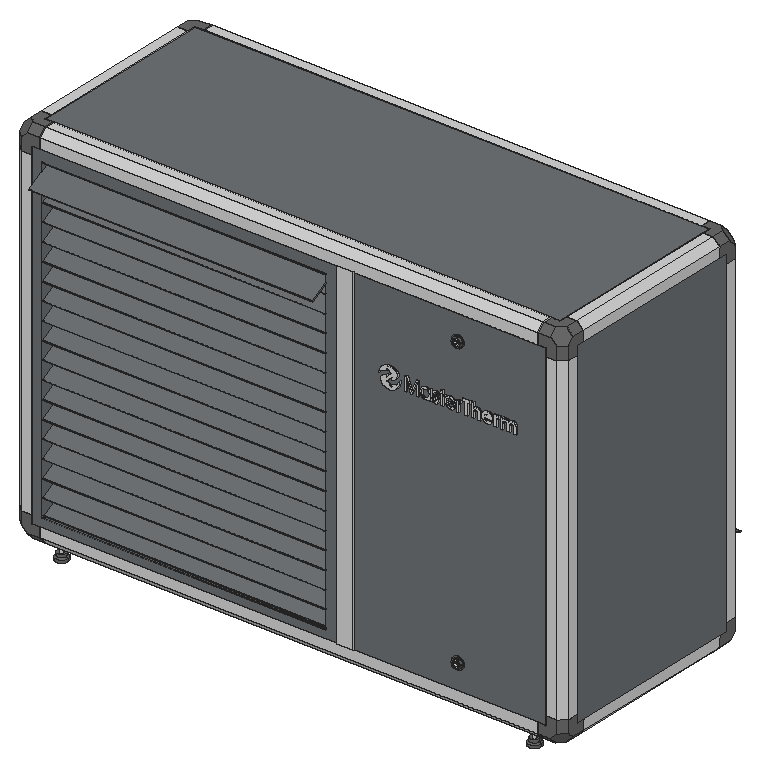
Revit family "BoxAir-Inverter-P_RFA-2022_v2", category Mechanické zařízení, Revit 2022
Family settings
  Kóta kulaté spojky = Použít průměr
  Typ dílu = Normální
  Číslo OmniClass = 23.75.00.00
  Nadpis OmniClass = Climate Control (HVAC)
  Založené na pracovní rovině = Ne
  Vždy vertikální = Ano
  Ořezat dutým tvarem při načtení = Ne
  Zachovat orientaci poznámky = Ne
  Sdílené = Ne
  Bod výpočtu místnosti = Ne
Parameters (values of type "BA22IP")
  Výrobce = "Master Therm"  # constant formula
  Výchozí výška = 0.00 mm
  URL = "https://mastertherm.cz/sortiment/tepelna-cerpadla-vzduch-voda/boxair-inverter-p-r290/"
  Popis = "Tepelné čerpadlo vzduch/voda (R290)"  # constant formula
  Otopná voda – výstup = "1'' (vnější)"  # constant formula
  Otopná voda – vstup = "1'' (vnější)"  # constant formula
  Model = if(MT_TYPE = 22, "BoxAir 22 Intverter P", if(MT_TYPE = 26, "BoxAir 26 Intverter P", if(MT_TYPE = 37, "BoxAir 37 Intverter P", "BoxAir 45 Intverter P")))  # "BoxAir 22 Intverter P"
  MT_side grille W = MT_case depth - 2.00 mm * 40  # 446.00 mm
  MT_side grille H = MT_front grille H  # 805.00 mm
  MT_servisní prostor_ANO [instance] = no
  MT_pipe mat = MT_angle-corner
  MT_napětí (V) = if(MT_TYPE > 26, 400 V, 230 V)  # 230 V
  MT_max. proud – kompresor (A) = if(MT_TYPE = 22, 16 A, if(MT_TYPE = 45, 25 A, 20 A))  # 16 A
  MT_max. proud – elektrokotel (A) = if(MT_TYPE = 37, 25 A, if(MT_TYPE = 45, 32 A, 16 A))  # 16 A
  MT_kondenzát [instance] = 0.0 L/s
  MT_hmotnost (kg) = if(MT_TYPE = 22, 120, if(MT_TYPE = 26, 130, if(MT_TYPE = 37, 165, 185)))  # 120
  MT_ground height = 30.00 mm  # constant formula
  MT_grille ext front Y = MT_case height - 2.00 mm * 40 - 2.00 mm * 25  # 755.00 mm
  MT_front grille W = MT_case width - 40.00 mm - 498.00 mm - 40.00 mm  # 726.00 mm
  MT_front grille H = MT_case height - 2.00 mm * 40  # 805.00 mm
  MT_frekvence (Hz) = 50 Hz  # constant formula
  MT_drain diameter = 40.00 mm  # constant formula
  MT_clearance top = 200.00 mm  # constant formula
  MT_clearance right = MT_clearance front  # 1500.00 mm
  MT_clearance left = MT_clearance front  # 1500.00 mm
  MT_clearance front = if(MT_TYPE > 26, 2000.00 mm, 1500.00 mm)  # 1500.00 mm
  MT_clearance back = 250.00 mm  # constant formula
  MT_cover front_Y-v2 = MT_case depth * (-1)  # -526.00 mm
  MT_apparent power = 0 VA  # constant formula
  MT_active power = 0 W  # constant formula
  MT_sekundár – vratka [instance] = 0.0 L/s
  MT_sekundár – přívod [instance] = 0.0 L/s
  MT_cover top_Y = MT_cover side_X  # 446.00 mm
  MT_cover top_X = MT_cover front_X  # 1224.00 mm
  MT_cover side_Y = MT_cover front_Y  # 805.00 mm
  MT_cover side_X = MT_case depth - 2.00 mm * 40  # 446.00 mm
  MT_cover front_Y = MT_case height - 2.00 mm * 40  # 805.00 mm
  MT_cover front_X = MT_case width - 2.00 mm * 40  # 1224.00 mm
  MT_case width = if(MT_TYPE > 26, 1308.00 mm, 1304.00 mm)  # 1304.00 mm
  MT_case mat = MT_RAL7016
  MT_case height = if(MT_TYPE > 26, 1498.00 mm, 885.00 mm)  # 885.00 mm
  MT_case depth = if(MT_TYPE > 26, 528.00 mm, 526.00 mm)  # 526.00 mm
  MT_angle offset = 60.00 mm  # constant formula
  MT_angle length_Z = MT_case height - 2 * MT_angle offset  # 765.00 mm
  MT_angle length_Y = MT_case depth - 2 * MT_angle offset  # 406.00 mm
  MT_angle length_X = MT_case width - 2 * MT_angle offset  # 1184.00 mm
  MT_TYPE = 22
  MT_CosPhi = 0  # constant formula
  MT_CO diameter = 28.00 mm  # constant formula
  MT_CI diameter = 28.00 mm  # constant formula
  Kondenzát = "Ø40 mm"  # constant formula
  Komentáře k typům = "KOMPRESOR: BLDC Inverter; 25 – 120 rps; olej (PZ68S) – 0.3 l; max. prov. proud – 8 A; VÝPARNÍK: lamelový (Al/Cu); přestupná plocha – 21 m2; rozteč lamel – 2.0 mm; max. přetlak – 4.2 MPa; max. průtok vzduchu – 3000 m3/h; max. příkon ventilátoru – 0.1 kW; průměr vetnilátoru – 450 mm; ot. (max) – 700 1/min; LWA – 50 dB; odtávání – reverzací; KONDENZÁTOR: deskový (nerez.); AISI316; průtok otopné vody – 0.20 kg/s; min. průtok – 0.10 kg/s; teplotní rozdíl – 5 K; objem vody – 7.0 l; max. přetlak vody – 250 kPa; max. přetlak chladiva – 4.2 MPa; ext. tlak čerpadla – 6.0 m; max. příkon čerpadla – 70 W; CHL. OKRUH: R290 (0.8 kg); ochrana úniku R290 – 35% Propylenglykol; detektor úniku – ano; EK: 5.7 + (2.8) kW; REGULACE: regulátor – pCO5; EEV – ano; čidlo otopné vody – ano; čidlo TUV – ano; ext. čidlo – ano; ekviterm. reg. – ano; chladivo – 2xPT; ESI: 1x230 (3x400) V; 50 Hz; max. proud kompresoru (EK) – 16/(16)/(16) A; el. krytí – IP43; ; ROZMĚRY: otopná voda – 1\" (vnější); 90x130x53 cm; 120 kg; LIMITNÍ PROVOZNÍ PARAMETRY: max. přetlak vody – 0.25 MPa; max. přetlak chladiva – 2.9 MPa; vzduch min./max.: -20/+35 °C; voda min./max.: 20/65 °C"
  Elektropřipojení = "1xPG21; 1xPG29"  # constant formula
  Cena = 0
  COPYRIGHT = "© Master Therm tepelná čerpadla s. r. o."  # constant formula
Reference planes
  plane 1 "Střed (vpředu/vzadu)": y = 0
  plane 2: z = 0
  plane 3 "Střed (vlevo/vpravo)": x = 0
  plane 4 "MT_case bottom": z = 30
  plane 5 "MT_case right": x = 652
  plane 6 "MT_case left": x = -652
  plane 7 "MT_case back": y = 263
  plane 8 "MT_case front": y = -263
  plane 9 "MT_case top": z = 915
  plane 10: y = -203
  plane 11: y = 203
  plane 12: x = 592
  plane 13: x = -592
  plane 14: z = 90
  plane 15: z = 855
  plane 16: x = 402
  plane 17: x = 471
  plane 18: x = 351
  plane 19: z = 136
  plane 20 "MT_top clearance": z = 1115
  plane 21 "MT_left clearance": x = -2152
  plane 22 "MT_right clearance": x = 2152
  plane 23 "MT_back clearance": y = 513
  plane 24 "MT_front clearance": y = -1763
Forms (mm)
  Extrusion 1, solid, material "MT_RAL7016" <- "MT_case mat"
    sketch origin (-1566.716, -1524, 30) x (-1, 0, 0) y (0, -1, 0)
      loop
        line (-954.716, -1747) -> (-954.716, -1301) -> (-2178.716, -1301) -> (-2178.716, -1747) -> (-954.716, -1747)
    from 0 to 885 <- "MT_case height"
  Extrusion 2, solid, material "MT_RAL7016" <- "MT_case mat"
    sketch origin (-898.431, 263, 1500) x (-1, 0, 0) y (0, 0, 1)
      loop
        line (-1510.431, -1430) -> (-286.431, -1430) -> (-286.431, -625) -> (-1510.431, -625) -> (-1510.431, -1430)
    from 0 to -526 <- "MT_cover front_Y-v2"
  Extrusion 3, solid, material "MT_RAL7016" <- "MT_case mat"
    sketch origin (-652, 401.27, 1500) x (0, 1, 0) y (0, 0, 1)
      loop
        line (-624.27, -1430) -> (-178.27, -1430) -> (-178.27, -625) -> (-624.27, -625) -> (-624.27, -1430)
    from 0 to 1304 <- "MT_case width"
  Extrusion 4, void
    sketch origin (-898.431, -263, 1500) x (-1, 0, 0) y (0, 0, -1)
      loop
        line (-311.431, 1405) -> (-987.431, 1405) -> (-987.431, 650) -> (-311.431, 650) -> (-311.431, 1405)
    from 0 to -40
  Extrusion 5, void
    sketch origin (-652, 401.27, 1500) x (0, -1, 0) y (0, 0, 1)
      loop
        line (203.27, -1405) -> (599.27, -1405) -> (599.27, -650) -> (203.27, -650) -> (203.27, -1405)
    from 0 to -40
  Extrusion 6, void
    sketch origin (-898.431, 263, 1500) x (1, 0, 0) y (0, 0, 1)
      loop
        line (311.431, -1405) -> (987.431, -1405) -> (987.431, -650) -> (311.431, -650) -> (311.431, -1405)
    from 0 to 40
  Extrusion 7, solid, material "MT_angle-corner"
    sketch origin (-400.431, 263, 1500) x (-1, 0, 0) y (0, 0, 1)
      loop
        line (-554.431, -1430) -> (-514.431, -1430) -> (-514.431, -625) -> (-554.431, -625) -> (-554.431, -1430)
    from 0 to 1
  Extrusion 8, solid, material "MT_angle-corner"
    sketch origin (-898.431, -263, 1500) x (-1, 0, 0) y (0, 0, -1)
      loop
        line (-1052.431, 1430) -> (-1052.431, 625) -> (-1012.431, 625) -> (-1012.431, 1430) -> (-1052.431, 1430)
    from 0 to 1
  Extrusion 9, solid, material "MT_angle-corner" <- "MT_pipe mat"
    sketch origin (-881.705, 263, -1200.873) x (0, 0, -1) y (-1, 0, 0)
      loop
        circle (-1350.873, -1352.705) r 14
    from 0 to 20
  Extrusion 10, solid, material "MT_angle-corner" <- "MT_pipe mat"
    sketch origin (-993, 263, -1069.431) x (0, 0, -1) y (-1, 0, 0)
      loop
        circle (-1219.431, -1344) r 14
    from 0 to 20
  Extrusion 11, solid, material "MT_RAL7016" <- "MT_case mat"
    sketch origin (154, 263, 655) x (0, 0, -1) y (0, 1, 0)
      loop
        line (411.188, 0) -> (425, 51.546) -> (424, 51.546) -> (410.188, 0) -> (411.188, 0)
    from 0 to 458
  Extrusion 12, solid, material "MT_angle-corner" <- "MT_pipe mat"
    sketch origin (-989.558, 263, -1311.21) x (0, 0, -1) y (-1, 0, 0)
      loop
        circle (-1411.21, -1391.558) r 10
    from 0 to 20
  Extrusion 13, solid, material "MT_angle-corner" <- "MT_pipe mat"
    sketch origin (-896.456, 263, -1311.974) x (0, 0, -1) y (-1, 0, 0)
      loop
        circle (-1411.974, -1410) r 10
    from 0 to 20
  Extrusion 14, solid
    sketch origin (-1566.484, -1546.998, 30) x (-1, 0, 0) y (0, -1, 0)
      loop
        circle (-1094.484, -1659.998) r 20
    from 0 to -1
Cuts and joins
  Extrusion 4, Extrusion 5, Extrusion 6 cuts Extrusion 2
  Extrusion 5, Extrusion 6 cuts Extrusion 1
  Extrusion 5, Extrusion 6 cuts Extrusion 3
Lines and regions (mm)
  reference lines
    curve 1: line (-2152, 513, 30) -> (2152, 513, 30)
    curve 2: line (-2152, 513, 30) -> (-2152, -263, 30)
    curve 3: line (-652, -1763, 30) -> (652, -1763, 30)
    curve 4: line (2152, 513, 30) -> (2152, -263, 30)
    curve 5: arc (-652, -1763, 30) -> (-1712.66, -1323.66, 30) -> (-2152, -263, 30) r 1500
    curve 6: arc (652, -1763, 30) -> (1712.66, -1323.66, 30) -> (2152, -263, 30) r 1500
    curve 7: line (-2152, 513, 1115) -> (2152, 513, 1115)
    curve 8: line (-2152, 513, 1115) -> (-2152, -263, 1115)
    curve 9: line (-652, -1763, 1115) -> (652, -1763, 1115)
    curve 10: line (2152, 513, 1115) -> (2152, -263, 1115)
    curve 11: arc (652, -1763, 1115) -> (1712.66, -1323.66, 1115) -> (2152, -263, 1115) r 1500
    curve 12: line (-2152, 513, 1115) -> (-2152, 513, 30)
    curve 13: line (2152, 513, 1115) -> (2152, 513, 30)
    curve 14: arc (-652, -1763, 1115) -> (-1712.66, -1323.66, 1115) -> (-2152, -263, 1115) r 1500
    curve 15: arc (652, -1763, 1115) -> (1712.66, -1323.66, 1115) -> (2152, -263, 1115) r 1500
  model lines, style "MT_service space", visible <- "MT_servisní prostor_ANO"
    curve 16: line (-2152, 513, 30) -> (2152, 513, 30)
    curve 17: line (-2152, 513, 30) -> (-2152, -263, 30)
    curve 18: arc (-652, -1763, 30) -> (-1712.66, -1323.66, 30) -> (-2152, -263, 30) r 1500
    curve 19: line (-652, -1763, 30) -> (652, -1763, 30)
    curve 20: arc (652, -1763, 30) -> (1712.66, -1323.66, 30) -> (2152, -263, 30) r 1500
    curve 21: line (2152, 513, 30) -> (2152, -263, 30)
    curve 22: line (2152, 513, 1115) -> (2152, -263, 1115)
    curve 23: arc (652, -1763, 1115) -> (1712.66, -1323.66, 1115) -> (2152, -263, 1115) r 1500
    curve 24: line (-652, -1763, 1115) -> (652, -1763, 1115)
    curve 25: arc (-652, -1763, 1115) -> (-1712.66, -1323.66, 1115) -> (-2152, -263, 1115) r 1500
    curve 26: line (-2152, 513, 1115) -> (-2152, -263, 1115)
    curve 27: line (-2152, 513, 1115) -> (2152, 513, 1115)
    curve 28: line (-2152, 513, 1115) -> (-2152, 513, 30)
    curve 29: line (2152, 513, 1115) -> (2152, 513, 30)
Dimensions and locks
  "MT_ground height": plane 4 "MT_case bottom" to plane 2
  equal spacing: plane 6 "MT_case left", plane 3 "Střed (vlevo/vpravo)", plane 5 "MT_case right"
  "MT_case width": plane 6 "MT_case left" to plane 5 "MT_case right"
  equal spacing: plane 7 "MT_case back", plane 1 "Střed (vpředu/vzadu)", plane 8 "MT_case front"
  "MT_case depth": plane 7 "MT_case back" to plane 8 "MT_case front"
  "MT_angle offset": plane 8 "MT_case front" to plane 10
  "MT_angle offset": plane 7 "MT_case back" to plane 11
  "MT_angle offset": plane 12 to plane 5 "MT_case right"
  "MT_angle offset": plane 6 "MT_case left" to plane 13
  "MT_angle offset": plane 14 to plane 4 "MT_case bottom"
  "MT_case height": plane 9 "MT_case top" to plane 4 "MT_case bottom"
  "MT_angle offset": plane 9 "MT_case top" to plane 15
  equal spacing: Extrusion 1 sketch curve, plane 3 "Střed (vlevo/vpravo)", Extrusion 1 sketch curve
  "MT_cover top_X": Extrusion 1 sketch curve to Extrusion 1 sketch curve
  equal spacing: Extrusion 1 sketch curve, plane 1 "Střed (vpředu/vzadu)", Extrusion 1 sketch curve
  "MT_cover top_Y": Extrusion 1 sketch curve to Extrusion 1 sketch curve
  equal spacing: Extrusion 2 sketch curve, plane 3 "Střed (vlevo/vpravo)", Extrusion 2 sketch curve
  "MT_cover front_X": Extrusion 2 sketch curve to Extrusion 2 sketch curve
  "MT_cover front_Y": Extrusion 2 sketch curve to Extrusion 2 sketch curve
  equal spacing: Extrusion 3 sketch curve, plane 1 "Střed (vpředu/vzadu)", Extrusion 3 sketch curve
  "MT_cover side_X": Extrusion 3 sketch curve to Extrusion 3 sketch curve
  "MT_cover side_Y": Extrusion 3 sketch curve to Extrusion 3 sketch curve
  locked: plane 9 "MT_case top" to nested 23 at 100
  locked: plane 5 "MT_case right" to plane 16 at 250
  locked: nested 22 to plane 4 "MT_case bottom" at 100
  locked: plane 9 "MT_case top" to nested 21 at 250
  locked: plane 6 "MT_case left" to nested 25 at 90
  locked: plane 6 "MT_case left" to nested 24 at 90
  locked: plane 7 "MT_case back" to nested 25 at 28
  locked: nested 24 to plane 8 "MT_case front" at 28
  locked: nested 26 to plane 5 "MT_case right" at 90
  locked: nested 26 to plane 8 "MT_case front" at 28
  locked: nested 27 to plane 5 "MT_case right" at 90
  locked: plane 7 "MT_case back" to nested 27 at 28
  locked: Extrusion 2 to Extrusion 4 sketch curve at 25
  locked: Extrusion 4 sketch curve to Extrusion 2 at 25
  "MT_grille ext front Y": Extrusion 4 sketch curve to Extrusion 4 sketch curve
  locked: nested 28 to cut or joined group of Extrusion 2, Extrusion 4, Extrusion 5, Extrusion 6 at 45
  locked: cut or joined group of Extrusion 3, Extrusion 5, Extrusion 6 to Extrusion 5 sketch curve at 25  (x3)
  "MT_grille ext front Y": Extrusion 5 sketch curve to Extrusion 5 sketch curve
  locked: cut or joined group of Extrusion 3, Extrusion 5, Extrusion 6 to nested 29 at 45
  "MT_grille ext front Y": Extrusion 6 sketch curve to Extrusion 6 sketch curve
  locked: cut or joined group of Extrusion 2, Extrusion 4, Extrusion 5, Extrusion 6 to nested 30 at 45
  locked: nested 32 to plane 9 "MT_case top" at 100
  locked: cut or joined group of Extrusion 2, Extrusion 4, Extrusion 5, Extrusion 6 to nested 31 at 270
  locked: Extrusion 7 sketch curve to Extrusion 7 sketch curve at 40
  Extrusion 8 sketch curve to Extrusion 8 sketch curve = 40.00 mm
  plane 3 "Střed (vlevo/vpravo)" to Extrusion 7 sketch curve = 114.00 mm
  plane 4 "MT_case bottom" to Extrusion 10 = 106.00 mm
  locked: plane 5 "MT_case right" to plane 17 at 181
  locked: plane 18 to plane 17 at 120
  locked: Extrusion 11 to plane 4 "MT_case bottom" at 200
  locked: plane 4 "MT_case bottom" to plane 19 at 106
  locked: plane 5 "MT_case right" to Extrusion 8 at 498
  locked: plane 5 "MT_case right" to Extrusion 7 at 498
  locked: Extrusion 7 to Extrusion 6 sketch curve at 25
  locked: plane 6 "MT_case left" to Extrusion 14 at 200
  locked: plane 7 "MT_case back" to Extrusion 14 at 150
  "MT_clearance left": curve 2 to plane 6 "MT_case left"
  "MT_clearance right": plane 5 "MT_case right" to curve 4
  "MT_clearance back": curve 1 to plane 7 "MT_case back"
  "MT_clearance front": curve 3 to plane 8 "MT_case front"
  equal spacing: curve 3, plane 3 "Střed (vlevo/vpravo)", curve 3
  "MT_clearance top": plane 20 "MT_top clearance" to plane 9 "MT_case top"
  "MT_case width": curve 9 to curve 9
  "MT_clearance right": plane 22 "MT_right clearance" to plane 5 "MT_case right"
  "MT_clearance left": plane 6 "MT_case left" to plane 21 "MT_left clearance"
  "MT_clearance back": plane 23 "MT_back clearance" to plane 7 "MT_case back"
  "MT_clearance front": plane 8 "MT_case front" to plane 24 "MT_front clearance"
  "MT_CO diameter": diameter of Extrusion 9 sketch curve
  "MT_CI diameter": diameter of Extrusion 10 sketch curve
  "MT_drain diameter": diameter of Extrusion 14 sketch curve
  "MT_clearance front": radius of curve 5
  "MT_clearance front": radius of curve 6
  "MT_clearance front": radius of curve 14
  "MT_clearance front": radius of curve 15
  aligned and locked: level to plane 2
  aligned and locked: plane 4 "MT_case bottom" to nested 1
  aligned and locked: plane 4 "MT_case bottom" to nested 2
  aligned and locked: nested 3 to plane 4 "MT_case bottom"
  aligned and locked: nested 4 to plane 4 "MT_case bottom"
  aligned and locked: plane 5 "MT_case right" to nested 2
  aligned and locked: plane 6 "MT_case left" to nested 3
  aligned and locked: nested 4 to plane 7 "MT_case back"
  aligned and locked: plane 8 "MT_case front" to nested 1
  aligned and locked: nested 3 to plane 10
  aligned and locked: plane 13 to nested 4
  aligned and locked: plane 10 to nested 2
  aligned and locked: nested 1 to plane 13
  aligned and locked: plane 4 "MT_case bottom" to nested 5
  aligned and locked: nested 6 to plane 4 "MT_case bottom"
  aligned and locked: plane 4 "MT_case bottom" to nested 8
  aligned and locked: nested 7 to plane 4 "MT_case bottom"
  aligned and locked: plane 13 to nested 5
  aligned and locked: nested 5 to plane 11
  aligned and locked: nested 6 to plane 13
  aligned and locked: plane 10 to nested 6
  aligned and locked: nested 8 to plane 12
  aligned and locked: nested 8 to plane 10
  aligned and locked: plane 12 to nested 7
  aligned and locked: plane 11 to nested 7
  aligned and locked: nested 9 to plane 14
  aligned and locked: nested 9 to plane 6 "MT_case left"
  aligned and locked: nested 9 to plane 8 "MT_case front"
  aligned and locked: plane 14 to nested 10
  aligned and locked: plane 14 to nested 12
  aligned and locked: nested 11 to plane 14
  aligned and locked: nested 12 to plane 5 "MT_case right"
  aligned and locked: plane 5 "MT_case right" to nested 11
  aligned and locked: plane 6 "MT_case left" to nested 10
  aligned and locked: nested 11 to plane 7 "MT_case back"
  aligned and locked: plane 8 "MT_case front" to nested 12
  aligned and locked: plane 7 "MT_case back" to nested 10
  aligned and locked: nested 18 to plane 9 "MT_case top"
  aligned and locked: plane 9 "MT_case top" to nested 17
  aligned and locked: plane 9 "MT_case top" to nested 20
  aligned and locked: nested 19 to plane 9 "MT_case top"
  aligned and locked: plane 6 "MT_case left" to nested 17
  aligned and locked: nested 17 to plane 7 "MT_case back"
  aligned and locked: nested 18 to plane 6 "MT_case left"
  aligned and locked: plane 8 "MT_case front" to nested 18
  aligned and locked: nested 20 to plane 8 "MT_case front"
  aligned and locked: nested 20 to plane 5 "MT_case right"
  aligned and locked: plane 5 "MT_case right" to nested 19
  aligned and locked: plane 7 "MT_case back" to nested 19
  aligned and locked: nested 14 to plane 10
  aligned and locked: plane 13 to nested 13
  aligned and locked: plane 10 to nested 15
  aligned and locked: nested 16 to plane 13
  aligned and locked: plane 9 "MT_case top" to nested 13
  aligned and locked: nested 16 to plane 9 "MT_case top"
  aligned and locked: nested 15 to plane 9 "MT_case top"
  aligned and locked: plane 9 "MT_case top" to nested 14
  aligned and locked: nested 15 to plane 6 "MT_case left"
  aligned and locked: nested 13 to plane 8 "MT_case front"
  aligned and locked: plane 7 "MT_case back" to nested 16
  aligned and locked: nested 14 to plane 5 "MT_case right"
  aligned and locked: Extrusion 2 sketch curve to nested 4
  aligned and locked: Extrusion 2 to Extrusion 3 sketch curve
  aligned and locked: plane 8 "MT_case front" to nested 21
  aligned and locked: plane 8 "MT_case front" to nested 22
  aligned and locked: plane 8 "MT_case front" to nested 23
  aligned and locked: nested 23 to plane 16
  aligned and locked: nested 22 to plane 16
  aligned and locked: plane 16 to nested 21
  aligned and locked: plane 4 "MT_case bottom" to nested 24
  aligned and locked: plane 4 "MT_case bottom" to nested 25
  aligned and locked: plane 4 "MT_case bottom" to nested 26
  aligned and locked: plane 4 "MT_case bottom" to nested 27
  aligned and locked: nested 28 to cut or joined group of Extrusion 2, Extrusion 4, Extrusion 5, Extrusion 6
  aligned and locked: nested 29 to cut or joined group of Extrusion 3, Extrusion 5, Extrusion 6
  aligned and locked: nested 29 to cut or joined group of Extrusion 1, Extrusion 5, Extrusion 6
  aligned and locked: nested 28 to cut or joined group of Extrusion 1, Extrusion 5, Extrusion 6
  aligned and locked: nested 30 to cut or joined group of Extrusion 1, Extrusion 5, Extrusion 6
  aligned and locked: plane 16 to nested 32
  aligned and locked: plane 16 to nested 31
  aligned and locked: plane 18 to Extrusion 10
  aligned and locked: plane 17 to Extrusion 9
  aligned and locked: Extrusion 11 to plane 7 "MT_case back"
  aligned and locked: plane 19 to Extrusion 10
  aligned and locked: plane 19 to Extrusion 9
  aligned and locked: plane 16 to Extrusion 12
  aligned and locked: plane 14 to Extrusion 12
  aligned and locked: plane 14 to Extrusion 13
  aligned and locked: nested 28 to Extrusion 4 sketch curve
  aligned and locked: nested 30 to cut or joined group of Extrusion 2, Extrusion 4, Extrusion 5, Extrusion 6
  aligned and locked: plane 8 "MT_case front" to curve 4
  aligned and locked: curve 2 to plane 8 "MT_case front"
  aligned and locked: curve 3 to plane 6 "MT_case left"
  aligned and locked: plane 22 "MT_right clearance" to curve 13
  aligned and locked: plane 21 "MT_left clearance" to curve 12
  aligned and locked: curve 16 to curve 7
  aligned and locked: curve 17 to curve 8
  aligned and locked: curve 18 to curve 14
  aligned and locked: curve 20 to curve 6
  aligned and locked: curve 21 to curve 4
  aligned and locked: curve 22 to curve 10
  aligned and locked: curve 23 to curve 15
  aligned and locked: curve 25 to curve 14
  aligned and locked: curve 26 to curve 8
  aligned and locked: curve 27 to curve 7
  aligned and locked: curve 28 to curve 12
  aligned and locked: curve 29 to curve 13
Automatic sketch dimensions
  plane 16 to Extrusion 12 sketch curve = 0.00 mm
  plane 14 to Extrusion 12 sketch curve = 10.00 mm
  Extrusion 7 sketch curve to plane 14 = 20.00 mm
  plane 15 to Extrusion 7 sketch curve = 20.00 mm
  Extrusion 8 sketch curve to plane 15 = 20.00 mm
  Extrusion 8 sketch curve to plane 18 = 197.00 mm
  plane 14 to Extrusion 8 sketch curve = 20.00 mm
  Extrusion 11 sketch curve to Extrusion 7 = 0.00 mm
  Extrusion 11 sketch curve to Extrusion 7 = 174.812 mm
  Extrusion 11 sketch curve to Extrusion 11 sketch curve = 1.00 mm  (x2)
  Extrusion 11 sketch curve to Extrusion 7 = 50.546 mm
  Extrusion 11 sketch curve to Extrusion 11 sketch curve = 12.812 mm
  plane 14 to Extrusion 13 sketch curve = 10.00 mm
  Extrusion 13 sketch curve to plane 17 = 42.544 mm
  curve 13 to plane 20 "MT_top clearance" = 0.00 mm
  curve 12 to plane 20 "MT_top clearance" = 0.00 mm
  curve 13 to plane 4 "MT_case bottom" = 0.00 mm
  curve 12 to plane 4 "MT_case bottom" = 0.00 mm
  curve 28 to plane 20 "MT_top clearance" = 0.00 mm
  curve 28 to plane 4 "MT_case bottom" = 0.00 mm
  curve 29 to plane 20 "MT_top clearance" = 0.00 mm
  curve 29 to plane 4 "MT_case bottom" = 0.00 mm
  plane 13 to Extrusion 6 sketch curve = 5.00 mm
  plane 14 to Extrusion 6 sketch curve = 5.00 mm
  Extrusion 9 sketch curve to Extrusion 2 = 80.00 mm
  Extrusion 9 sketch curve to Extrusion 2 = 141.00 mm
  plane 18 to Extrusion 10 sketch curve = 0.00 mm
  plane 19 to Extrusion 10 sketch curve = 14.00 mm
  plane 13 to Extrusion 14 sketch curve = 120.00 mm
  Extrusion 14 sketch curve to plane 11 = 90.00 mm
  curve 7 to plane 22 "MT_right clearance" = 0.00 mm
  curve 7 to plane 23 "MT_back clearance" = 0.00 mm
  curve 14 to plane 8 "MT_case front" = 0.00 mm
  radius of Extrusion 12 sketch curve = 10.00 mm
  radius of Extrusion 13 sketch curve = 10.00 mm
Nested families
  nested 1: "MT_angle-cover" at (-592, -223, 30) x (0, 0, 1) z (1, 0, 0), MT_angle_lenght <- "MT_angle length_X", type "MT_angle-cover"
    with MT_angle_lenght 1184.00 mm
  nested 2: "MT_angle-cover" at (612, -203, 30) x (0, 0, 1) z (0, 1, 0), MT_angle_lenght <- "MT_angle length_Y", type "MT_angle-cover"
    with MT_angle_lenght 406.00 mm
  nested 3: "MT_angle-cover" at (-612, -203, 30) x (0, 0, 1) z (0, 1, 0), MT_angle_lenght <- "MT_angle length_Y", type "MT_angle-cover"
    with MT_angle_lenght 406.00 mm
  nested 4: "MT_angle-cover" at (-592, 223, 30) x (0, 0, 1) z (1, 0, 0), MT_angle_lenght <- "MT_angle length_X", type "MT_angle-cover"
    with MT_angle_lenght 1184.00 mm
  nested 5: "MT_corner-cap" at (-592, 203, 30) x (0, 0, 1) z (-1, 0, 0), type "MT_corner-cap"
  nested 6: "MT_corner-cap" at (-592, -203, 30) x (0, 0, 1) z (-1, 0, 0), type "MT_corner-cap"
  nested 7: "MT_corner-cap" at (592, 203, 30) x (0, 0, 1) z (1, 0, 0), type "MT_corner-cap"
  nested 8: "MT_corner-cap" at (592, -203, 30) x (0, 0, 1) z (1, 0, 0), type "MT_corner-cap"
  nested 9: "MT_angle-cover" at (-612, -263, 90) x (0, 1, 0) z (0, 0, 1), MT_angle_lenght <- "MT_angle length_Z", type "MT_angle-cover"
    with MT_angle_lenght 765.00 mm
  nested 10: "MT_angle-cover" at (-612, 263, 90) x (0, -1, 0) z (0, 0, 1), MT_angle_lenght <- "MT_angle length_Z", type "MT_angle-cover"
    with MT_angle_lenght 765.00 mm
  nested 11: "MT_angle-cover" at (612, 263, 90) x (0, -1, 0) z (0, 0, 1), MT_angle_lenght <- "MT_angle length_Z", type "MT_angle-cover"
    with MT_angle_lenght 765.00 mm
  nested 12: "MT_angle-cover" at (612, -263, 90) x (0, 1, 0) z (0, 0, 1), MT_angle_lenght <- "MT_angle length_Z", type "MT_angle-cover"
    with MT_angle_lenght 765.00 mm
  nested 13: "MT_angle-cover" at (-592, -223, 915) x (0, 0, -1) z (1, 0, 0), MT_angle_lenght <- "MT_angle length_X", type "MT_angle-cover"
    with MT_angle_lenght 1184.00 mm
  nested 14: "MT_angle-cover" at (612, -203, 915) x (0, 0, -1) z (0, 1, 0), MT_angle_lenght <- "MT_angle length_Y", type "MT_angle-cover"
    with MT_angle_lenght 406.00 mm
  nested 15: "MT_angle-cover" at (-612, -203, 915) x (0, 0, -1) z (0, 1, 0), MT_angle_lenght <- "MT_angle length_Y", type "MT_angle-cover"
    with MT_angle_lenght 406.00 mm
  nested 16: "MT_angle-cover" at (-592, 223, 915) x (0, 0, -1) z (1, 0, 0), MT_angle_lenght <- "MT_angle length_X", type "MT_angle-cover"
    with MT_angle_lenght 1184.00 mm
  nested 17: "MT_corner-cap" at (-592, 203, 915) x (0, 0, -1) z (-1, 0, 0), type "MT_corner-cap"
  nested 18: "MT_corner-cap" at (-592, -203, 915) x (0, 0, -1) z (-1, 0, 0), type "MT_corner-cap"
  nested 19: "MT_corner-cap" at (592, 203, 915) x (0, 0, -1) z (1, 0, 0), type "MT_corner-cap"
  nested 20: "MT_corner-cap" at (592, -203, 915) x (0, 0, -1) z (1, 0, 0), type "MT_corner-cap"
  nested 21: "MT_logo-v2" at (277.848, -265, 665) x (1, 0, 0) z (0, 1, 0), type "MT_logo-v2"
  nested 22: "MT_case-lock" at (402, -263, 130) x (1, 0, 0) z (0, -1, 0), type "MT_case-lock"
  nested 23: "MT_case-lock" at (402, -263, 815) x (1, 0, 0) z (0, -1, 0), type "MT_case-lock"
  nested 24: "MT_adj feet" at (-562, -235, 0) x (-1, 0, 0) z (0, 0, 1), type "MT_adj feet"
  nested 25: "MT_adj feet" at (-562, 235, 0) x (-1, 0, 0) z (0, 0, 1), type "MT_adj feet"
  nested 26: "MT_adj feet" at (562, -235, 0) x (-1, 0, 0) z (0, 0, 1), type "MT_adj feet"
  nested 27: "MT_adj feet" at (562, 235, 0) x (-1, 0, 0) z (0, 0, 1), type "MT_adj feet"
  nested 28: "MT_grille-BA" at (-249, -223, 70), MT_grille height <- "MT_front grille H", MT_grille width <- "MT_front grille W", type "MT_grille-BA"
    with MT_rain cover_YES yes, MT_grille width 726.00 mm, MT_grille height 805.00 mm, MT_grille fins length 676.00 mm, MT_grille fins 19, MT_array_YES yes
  nested 29: "MT_grille-BA" at (-612, 0, 70) x (0, 1, 0) z (0, 0, 1), MT_grille height <- "MT_side grille H", MT_grille width <- "MT_side grille W", type "MT_grille-BA"
    with MT_rain cover_YES no, MT_grille width 446.00 mm, MT_grille height 805.00 mm, MT_grille fins length 396.00 mm, MT_grille fins 19, MT_array_YES yes
  nested 30: "MT_grille-BA" at (-249, 223, 70), MT_grille height <- "MT_front grille H", MT_grille width <- "MT_front grille W", type "MT_grille-BA"
    with MT_rain cover_YES no, MT_grille width 726.00 mm, MT_grille height 805.00 mm, MT_grille fins length 676.00 mm, MT_grille fins 19, MT_array_YES yes
  nested 31: "MT_case-lock" at (402, 263, 340) x (1, 0, 0) z (0, 1, 0), type "MT_case-lock"
  nested 32: "MT_case-lock" at (402, 263, 815) x (1, 0, 0) z (0, 1, 0), type "MT_case-lock"
Connectors
  piping at (471, 283, 150), diameter 28, driven by "MT_CO diameter", driven by "Otopná voda – výstup", driven by "MT_sekundár – přívod"
    settings: on Extrusion 9, index 1, connector inside diameter 609.60 mm, connector length 0.00 mm, flow factor 1, pipe flow 0.0 L/s, pressure drop 0.0 Pa, fitting loss kfactor 0, connector angle 0.00°, fixture units 0, engagement length 0.00 mm, angle of deflection 0.00°, flow configuration 2, flow direction 2, fitting loss method 0, system type 29, joint type 0, gender type 0, connector reference index -1, connector utility 0, adjustable connector no, is connector primary yes, connector description "1'' (vnější)"
  piping at (351, 283, 150), diameter 28, driven by "MT_CI diameter", driven by "Otopná voda – vstup", driven by "MT_sekundár – vratka"
    settings: on Extrusion 10, index 2, connector inside diameter 609.60 mm, connector length 0.00 mm, flow factor 1, pipe flow 0.0 L/s, pressure drop 0.0 Pa, fitting loss kfactor 0, connector angle 0.00°, fixture units 0, engagement length 0.00 mm, angle of deflection 0.00°, flow configuration 2, flow direction 1, fitting loss method 0, system type 29, joint type 0, gender type 0, connector reference index -1, connector utility 0, adjustable connector no, is connector primary no, connector description "1'' (vnější)"
  electrical at (402, 283, 100), driven by "MT_napětí (V)", driven by "MT_apparent power", driven by "MT_CosPhi", driven by "Elektropřipojení"
    settings: on Extrusion 12, index 3, voltage 230 V, apparent load 0 VA, apparent load phase1 0 VA, apparent load phase2 0 VA, apparent load phase3 0 VA, power factor 0, load classification "Další", number of poles 1, system type 30, power factor state 1, is connector primary yes, connector utility no, sub classification motor no, connector description "1xPG21; 1xPG29"
  piping at (-472, 113, 29), diameter 40, driven by "MT_drain diameter", driven by "Kondenzát", driven by "MT_kondenzát"
    settings: on Extrusion 14, index 4, connector inside diameter 609.60 mm, connector length 0.00 mm, flow factor 0, pipe flow 0.0 L/s, pressure drop 0.0 Pa, fitting loss kfactor 0, connector angle 0.00°, fixture units 0, engagement length 0.00 mm, angle of deflection 0.00°, flow configuration 1, flow direction 2, fitting loss method 0, system type 16, joint type 0, gender type 0, connector reference index -1, connector utility 0, adjustable connector no, is connector primary no, connector description "Ø40 mm"
Definition of nested family "MT_angle-cover"
  Parameters (values of type "MT_angle-cover")
    Default Elevation = 0.00 mm
    MT_angle_lenght [instance] = 500.00 mm
    MT_angle-corner = none
  Reference planes
    plane 1 "Střed (vpředu/vzadu)": y = 0
    plane 2: z = 0
    plane 3 "Střed (vlevo/vpravo)": x = 0
    plane 4: through (2.328, 26.328, 1200) normal (-0.7071, 0.7071, 0)
    plane 5: z = 500
  Forms (mm)
    Extrusion 1, solid, material <- "MT_angle-corner"
      sketch origin (0, 0, 0) x (1, 0, 0) y (0, 1, 0)
        loop
          line (40, 0) -> (40, 40) -> (0, 40) -> (0, 0) -> (40, 0)
      from 0 to 500
    Extrusion 2, void
      sketch origin (0, 0, 0) x (1, 0, 0) y (0, 1, 0)
        loop
          line (16, 40) -> (0, 40) -> (0, 24) -> (16, 40)
      from 0 to 500
  Cuts and joins
    Extrusion 2 cuts Extrusion 1
  Dimensions and locks
    "MT_angle_lenght": plane 5 to plane 2
    aligned and locked: level to plane 2
    aligned and locked: plane 5 to cut or joined group of Extrusion 1, Extrusion 2
    aligned and locked: Extrusion 1 to Extrusion 2
  Automatic sketch dimensions
    plane 1 "Střed (vpředu/vzadu)" to Extrusion 1 sketch curve = 0.00 mm
    Extrusion 1 sketch curve to plane 3 "Střed (vlevo/vpravo)" = 0.00 mm
    plane 3 "Střed (vlevo/vpravo)" to Extrusion 1 sketch curve = 40.00 mm
    Extrusion 1 sketch curve to plane 1 "Střed (vpředu/vzadu)" = 40.00 mm
    Extrusion 2 sketch curve to plane 3 "Střed (vlevo/vpravo)" = 0.00 mm
    Extrusion 2 sketch curve to plane 4 = 0.00 mm  (x2)
    plane 3 "Střed (vlevo/vpravo)" to Extrusion 2 sketch curve = 16.00 mm
Definition of nested family "MT_corner-cap"
  Parameters (values of type "MT_corner-cap")
    Default Elevation = 0.00 mm
    MT_corner-cap = none
  Reference planes
    plane 1 "Střed (vpředu/vzadu)": y = 0
    plane 2: z = 0
    plane 3 "Střed (vlevo/vpravo)": x = 0
    plane 4: y = 44
    plane 5: x = 16
    plane 6 "cp1": through (-50.749, 80.749, 1200) normal (0.7071, 0.7071, 0)
    plane 7: through (30, 44, 1200) normal (0.7071, -0.7071, 0)
  Forms (mm)
    Extrusion 1, solid, material <- "MT_corner-cap"
      sketch origin (0, 0, 0) x (1, 0, 0) y (0, 1, 0)
        loop
          line (60, 60) -> (0, 60) -> (0, 0) -> (60, 0) -> (60, 60)
      from 0 to 60
    Extrusion 2, void
      sketch origin (0, 0, 0) x (1, 0, 0) y (0, 1, 0)
        loop
          line (40, 20) -> (40, 0) -> (60, 0) -> (60, 20) -> (40, 20)
      from 0 to 60
    Extrusion 3, void
      sketch origin (0, 0, 0) x (1, 0, 0) y (0, 0, 1)
        loop
          line (16, 60) -> (0, 60) -> (0, 44) -> (16, 60)
      from 0 to -60
    Extrusion 4, void
      sketch origin (0, 0, 0) x (0, 1, 0) y (0, 0, 1)
        loop
          line (44, 60) -> (60, 44) -> (60, 60) -> (44, 60)
      from 0 to 60
    Extrusion 5, void
      sketch origin (0, 0, 0) x (1, 0, 0) y (0, 1, 0)
        loop
          line (16, 60) -> (0, 60) -> (0, 44) -> (16, 60)
      from 0 to 60
    Extrusion 6, void
      sketch origin (0, 0, 0) x (0, 1, 0) y (0, 0, 1)
        loop
          line (0, 0) -> (20, 0) -> (20, 20) -> (0, 20) -> (0, 0)
      from 0 to 60
    Extrusion 7, void
      sketch origin (0, 0, 0) x (1, 0, 0) y (0, 0, 1)
        loop
          line (60, 0) -> (60, 20) -> (40, 20) -> (40, 0) -> (60, 0)
      from 0 to -60
    Extrusion 8, void
      sketch origin (15, 15, 0) x (-0.707107, 0.707107, 0) y (0, 0, 1)
        loop
          line (9.899, 60) -> (31.113, 29.704) -> (31.113, 60) -> (9.899, 60)
      from -50 to 60
  Cuts and joins
    Extrusion 2, Extrusion 3, Extrusion 4, Extrusion 5, Extrusion 6, Extrusion 7, Extrusion 8 cuts Extrusion 1
  Dimensions and locks
    aligned and locked: level to plane 2
Definition of nested family "MT_logo-v2"
  Parameters (values of type "MT_logo-v2")
    Default Elevation = 1219.20 mm
    MT_logo_thickness = 2.00 mm  # constant formula
    MT_logo-mat = none
  Reference planes
    plane 1 "Střed (vpředu/vzadu)": y = 0
    plane 2: z = 0
    plane 3 "Střed (vlevo/vpravo)": x = 0
    plane 4: z = 500
  Forms (mm)
    Extrusion 1, solid, material <- "MT_logo-mat"
      sketch origin (0, 0, 0) x (1, 0, 0) y (0, 1, 0)
        loop
          line (-43.781, 15.933) -> (-43.781, 20.728)
          spline (-43.781, 20.728) -> (-53.317, 15.708) -> (-56.799, 10.996) -> (-57.381, 4.147) -> (-54.657, -1.349) -> (-49.027, -5.395) -> (-42.471, -7.654) -> (-36.04, -8.144) -> (-29.07, -7.001) -> (-23.172, -4.009) -> (-17.864, 0.677) -> (-14.517, 5.896) -> (-11.894, 16.849)
          spline (-11.894, 16.849) -> (-13.166, 14.249) -> (-14.175, 12.578) -> (-15.176, 11.232) -> (-16.415, 9.918) -> (-17.677, 8.83) -> (-18.995, 7.953) -> (-20.401, 7.151) -> (-21.761, 6.502) -> (-23.337, 5.861) -> (-25.027, 5.304) -> (-27.288, 4.736) -> (-31.428, 4.087)
          line (-31.428, 4.087) -> (-31.428, -0.732) -> (-43.369, 6.842) -> (-31.153, 18.577) -> (-31.153, 14.419)
          spline (-31.153, 14.419) -> (-22.25, 18.55) -> (-17.982, 23.198) -> (-16.84, 29.665) -> (-20.252, 35.284) -> (-25.999, 39.192) -> (-32.314, 41.304) -> (-39.002, 41.791) -> (-45.658, 40.229) -> (-51.593, 37.147) -> (-56.486, 32.53) -> (-59.843, 26.86) -> (-62.106, 19.486)
          spline (-62.106, 19.486) -> (-60.267, 21.825) -> (-59.153, 23.046) -> (-58.012, 24.105) -> (-56.816, 25.036) -> (-55.512, 25.892) -> (-54.098, 26.71) -> (-52.856, 27.344) -> (-51.466, 27.925) -> (-49.821, 28.516) -> (-48.242, 28.998) -> (-46.364, 29.439) -> (-43.657, 29.881)
          line (-43.657, 29.881) -> (-43.657, 34.276) -> (-31.531, 27.526) -> (-43.781, 15.933)
        loop
          line (0, 1.019) -> (3.59, 1.019) -> (3.59, 28.94) -> (14.436, 1.019) -> (17.898, 1.019) -> (28.975, 28.825) -> (28.975, 1.019) -> (32.206, 1.019) -> (32.206, 33.78) -> (27.245, 33.78) -> (16.398, 6.228) -> (5.274, 33.78) -> (0, 33.78) -> (0, 1.019)
        loop
          spline (48.751, 23.273) -> (46.388, 22.939) -> (44.186, 21.958) -> (42.296, 20.397) -> (40.845, 18.364) -> (39.933, 15.995) -> (39.622, 13.454) -> (39.933, 10.912) -> (40.845, 8.544) -> (42.296, 6.51) -> (44.186, 4.95) -> (46.388, 3.969) -> (48.751, 3.634)
          spline (48.751, 3.634) -> (51.114, 3.969) -> (53.316, 4.95) -> (55.207, 6.51) -> (56.657, 8.544) -> (57.57, 10.912) -> (57.881, 13.454) -> (57.57, 15.995) -> (56.657, 18.364) -> (55.207, 20.397) -> (53.316, 21.958) -> (51.114, 22.939) -> (48.751, 23.273)
        loop
          line (57.881, 4.324) -> (57.881, 1.019) -> (61.48, 1.019) -> (61.48, 25.889) -> (57.881, 25.889) -> (57.881, 22.583)
          arc (57.881, 22.583) -> (35.84, 13.454) -> (57.881, 4.324) r 12.911
        loop
          line (86.125, 22.492) -> (86.125, 1.019) -> (89.717, 1.019) -> (89.717, 22.492) -> (94.365, 22.492) -> (94.365, 25.974) -> (89.717, 25.974) -> (89.717, 33.78) -> (86.125, 33.78) -> (86.125, 25.974) -> (81.583, 25.974) -> (81.583, 22.492) -> (86.125, 22.492)
        loop
          spline (120.897, 12.309) -> (120.024, 18.831) -> (116.177, 24.119) -> (110.308, 26.865) -> (103.866, 26.393) -> (98.443, 22.817) -> (95.38, 17.023) -> (95.433, 10.441) -> (98.589, 4.698) -> (104.069, 1.214) -> (110.518, 0.85) -> (116.342, 3.694) -> (120.103, 9.046)
          line (120.103, 9.046) -> (115.947, 9.046)
          arc (115.947, 9.046) -> (106.228, 4.674) -> (98.794, 12.309) r 9.292
          line (98.794, 12.309) -> (120.897, 12.309)
        loop
          arc (117.067, 15.67) -> (107.965, 23.094) -> (98.863, 15.67) r 9.292
          line (98.863, 15.67) -> (117.067, 15.67)
        loop
          line (127.532, 23.758) -> (127.532, 25.763) -> (124.152, 25.763) -> (124.152, 1.019) -> (127.744, 1.019) -> (127.744, 17.742)
          arc (127.744, 17.742) -> (129.492, 21.42) -> (133.448, 22.386) r 4.742
          line (133.448, 22.386) -> (133.448, 26.185)
          arc (133.448, 26.185) -> (130.172, 25.746) -> (127.532, 23.758) r 6.521
        loop
          line (142.488, 27.585) -> (142.488, 1.019) -> (149.221, 1.019) -> (149.221, 27.585) -> (155.139, 27.585) -> (155.139, 33.78) -> (136.199, 33.78) -> (136.199, 27.585) -> (142.488, 27.585)
        loop
          line (163.722, 23.699) -> (163.722, 33.78) -> (157.581, 33.78) -> (157.581, 1.019) -> (163.722, 1.019) -> (163.722, 15.196) -> (164.016, 16.209) -> (164.307, 17.043)
          spline (164.307, 17.043) -> (165.574, 19.017) -> (166.288, 19.627) -> (167.046, 19.939) -> (167.922, 20.095) -> (168.858, 20.117) -> (169.737, 20.047) -> (170.514, 19.896) -> (171.213, 19.639) -> (171.861, 19.183) -> (172.492, 18.376) -> (173.129, 16.993) -> (173.784, 14.722)
          line (173.784, 14.722) -> (173.784, 1.019) -> (179.925, 1.019) -> (179.925, 17.901) -> (179.719, 18.903) -> (179.478, 19.785) -> (179.206, 20.559)
          spline (179.206, 20.559) -> (177.54, 23.133) -> (176.649, 24.126) -> (175.805, 24.812) -> (174.74, 25.392) -> (173.552, 25.805) -> (172.356, 26.102) -> (171.177, 26.31) -> (169.954, 26.379) -> (168.782, 26.283) -> (167.632, 25.964) -> (166.13, 25.259) -> (163.722, 23.699)
        loop
          line (201.474, 9.046) -> (208.133, 9.046)
          arc (208.133, 9.046) -> (182.997, 16.783) -> (208.746, 11.428) r 13.164
          line (208.746, 11.428) -> (189.256, 11.428)
          arc (189.256, 11.428) -> (194.561, 6.116) -> (201.474, 9.046) r 6.713
        loop
          arc (218.123, 16.511) -> (220.269, 19.589) -> (223.891, 20.572) r 5.496
          line (223.891, 20.572) -> (223.891, 26.204)
          arc (223.891, 26.204) -> (220.639, 25.706) -> (217.926, 23.846) r 7.389
          line (217.926, 23.846) -> (217.926, 25.877) -> (212.223, 25.877) -> (212.223, 1.019) -> (218.123, 1.019) -> (218.123, 16.511)
        loop
          line (247.851, 22.442) -> (246.299, 24.112) -> (244.867, 25.185) -> (242.957, 26.02) -> (240.37, 26.418) -> (238.261, 26.418) -> (236.152, 26.02) -> (234.401, 25.145) -> (232.689, 23.615) -> (232.689, 26.083) -> (226.986, 26.083) -> (226.986, 1.019) -> (232.748, 1.019) -> (232.748, 14.448) -> (233.34, 17.357)
          spline (233.34, 17.357) -> (234.506, 19.355) -> (235.184, 19.986) -> (235.918, 20.326) -> (236.775, 20.516) -> (237.696, 20.576) -> (238.565, 20.544) -> (239.338, 20.427) -> (240.037, 20.203) -> (240.695, 19.781) -> (241.35, 19.012) -> (242.035, 17.676) -> (242.775, 15.466)
          line (242.775, 15.466) -> (242.86, 14.628) -> (242.86, 1.019) -> (248.975, 1.019) -> (248.975, 14.569) -> (249.557, 17.438)
          spline (249.557, 17.438) -> (250.835, 19.335) -> (251.546, 19.906) -> (252.3, 20.191) -> (253.167, 20.318) -> (254.083, 20.313) -> (254.93, 20.222) -> (255.671, 20.053) -> (256.335, 19.782) -> (256.987, 19.317) -> (257.707, 18.521) -> (258.378, 17.179) -> (258.676, 14.994)
          line (258.676, 14.994) -> (258.676, 1.019) -> (264.674, 1.019) -> (264.674, 17.434)
          arc (264.674, 17.434) -> (258.13, 26.21) -> (247.851, 22.442) r 9.157
        loop
          arc (202.325, 16.381) -> (195.967, 21.024) -> (189.609, 16.381) r 6.674
          line (189.609, 16.381) -> (202.325, 16.381)
        loop
          line (68.145, 9.214) -> (64.677, 9.214)
          spline (64.677, 9.214) -> (66.736, 2.941) -> (70.193, 0.755) -> (74.263, 0.624) -> (78.153, 2.473) -> (80.209, 6.016) -> (80.272, 10.226) -> (77.925, 13.665) -> (74.022, 15.517) -> (70.206, 17.334) -> (69.88, 21.172) -> (73.486, 23.019) -> (76.3, 19.489)
          line (76.3, 19.489) -> (80.206, 19.489)
          spline (80.206, 19.489) -> (78.17, 24.592) -> (74.379, 26.486) -> (70.2, 26.139) -> (66.87, 23.387) -> (65.595, 19.397) -> (66.987, 15.501) -> (70.465, 13.143) -> (74.571, 10.894) -> (76.598, 7.617) -> (74.259, 4.16) -> (70.271, 4.49) -> (68.145, 9.214)
      from 0 to 2 <- "MT_logo_thickness"
  Dimensions and locks
    plane 4 to plane 2 = 500.00 mm
    aligned and locked: level to plane 2
Definition of nested family "MT_case-lock"
  Parameters (values of type "MT_case-lock")
    Default Elevation = 0.00 mm
    MT_corner-cap = none
    MT_angle-corner = none
  Reference planes
    plane 1 "Střed (vpředu/vzadu)": y = 0
    plane 2: z = 0
    plane 3 "Střed (vlevo/vpravo)": x = 0
    plane 4: y = 0
  Forms (mm)
    Revolve 1, solid, not visible
      sketch origin (29.178, 0, 1200) x (1, 0, 0) y (0, 0, 1)
        loop
          arc (30.822, -1200) -> (26.978, -1196.222) -> (21.784, -1194.782) r 10.758
          line (21.784, -1194.782) -> (21.784, -1200) -> (30.822, -1200)
        axis (21.784, -1194.782) -> (21.784, -1200)
      angle from 0 to 90
    Extrusion 2, solid, not visible
      sketch origin (0, 0, 0) x (0, 1, 0) y (0, 0, 1)
        loop
          line (0, 5.218) -> (0, 0) -> (9.038, 0)
          arc (9.038, 0) -> (5.194, 3.778) -> (0, 5.218) r 10.758
      from 9.038 to 50.962
    Revolve 3, solid, not visible
      sketch origin (28.882, 0, 1200) x (1, 0, 0) y (0, 0, 1)
        loop
          line (-28.882, -1200) -> (-19.844, -1200) -> (-19.844, -1194.782)
          arc (-19.844, -1194.782) -> (-25.038, -1196.222) -> (-28.882, -1200) r 10.758
        axis (-19.844, -1194.782) -> (-19.844, -1200)
      angle from 0 to 90
    Extrusion 4, solid, material <- "MT_corner-cap"
      sketch origin (0, 0, 0) x (1, 0, 0) y (0, 1, 0)
        loop
          circle (0, 0) r 14
      from 0 to 1
    Extrusion 5, solid, material <- "MT_corner-cap"
      sketch origin (0, 0, 1) x (1, 0, 0) y (0, 1, 0)
        loop
          circle (0, 0) r 11
        loop
          circle (0, 0) r 8
      from 0 to 5
    Extrusion 6, solid, material <- "MT_angle-corner"
      sketch origin (0, 0, 1) x (1, 0, 0) y (0, 1, 0)
        loop
          arc (-5.396, -1.506) -> (0, -5.602) -> (5.396, -1.506) r 5.602
          line (5.396, -1.506) -> (6.952, -1.506) -> (6.952, 1.506) -> (5.396, 1.506)
          arc (5.396, 1.506) -> (0, 5.602) -> (-5.396, 1.506) r 5.602
          line (-5.396, 1.506) -> (-6.952, 1.506) -> (-6.952, -1.506) -> (-5.396, -1.506)
        loop
          circle (0, 0) r 7.8
      from 0 to 5
    Extrusion 7, solid, material <- "MT_angle-corner"
      sketch origin (0, 0, 1) x (1, 0, 0) y (0, 1, 0)
        loop
          circle (0, 0) r 1.2
      from 0 to 2
  Dimensions and locks
    aligned and locked: level to plane 2
Definition of nested family "MT_adj feet"
  Parameters (values of type "MT_adj feet")
    Default Elevation = 0.00 mm
    MT_corner-cap = none
    MT_angle-corner = none
  Reference planes
    plane 1 "Střed (vpředu/vzadu)": y = 0
    plane 2: z = 0
    plane 3 "Střed (vlevo/vpravo)": x = 0
    plane 4: y = 0
  Forms (mm)
    Revolve 1, solid, not visible
      sketch origin (29.178, 0, 1200) x (1, 0, 0) y (0, 0, 1)
        loop
          arc (30.822, -1200) -> (26.978, -1196.222) -> (21.784, -1194.782) r 10.758
          line (21.784, -1194.782) -> (21.784, -1200) -> (30.822, -1200)
        axis (21.784, -1194.782) -> (21.784, -1200)
      angle from 0 to 90
    Extrusion 2, solid, not visible
      sketch origin (0, 0, 0) x (0, 1, 0) y (0, 0, 1)
        loop
          line (0, 5.218) -> (0, 0) -> (9.038, 0)
          arc (9.038, 0) -> (5.194, 3.778) -> (0, 5.218) r 10.758
      from 9.038 to 50.962
    Revolve 3, solid, not visible
      sketch origin (28.882, 0, 1200) x (1, 0, 0) y (0, 0, 1)
        loop
          line (-28.882, -1200) -> (-19.844, -1200) -> (-19.844, -1194.782)
          arc (-19.844, -1194.782) -> (-25.038, -1196.222) -> (-28.882, -1200) r 10.758
        axis (-19.844, -1194.782) -> (-19.844, -1200)
      angle from 0 to 90
    Extrusion 4, solid, material <- "MT_corner-cap"
      sketch origin (0, 0, 0) x (1, 0, 0) y (0, 1, 0)
        loop
          circle (0, 0) r 15
      from 0 to 5
    Blend 5, solid, material <- "MT_corner-cap"
      base sketch origin (0, 0, 5) x (1, 0, 0) y (0, 1, 0)
        loop
          circle (0, 0) r 15
      top sketch origin (0, 0, 5) x (1, 0, 0) y (0, 1, 0)
        loop
          circle (0, 0) r 10
      from 0 to 5
    Extrusion 6, solid, material <- "MT_corner-cap"
      sketch origin (0, 0, 10) x (1, 0, 0) y (0, 1, 0)
        loop
          circle (0, 0) r 11
      from 0 to 5
    Extrusion 7, solid, material <- "MT_angle-corner"
      sketch origin (0, 0, 15) x (1, 0, 0) y (0, 1, 0)
        loop
          circle (0, 0) r 4
      from 0 to 15
  Dimensions and locks
    aligned and locked: level to plane 2
Definition of nested family "MT_grille-BA"
  Parameters (values of type "MT_grille-BA")
    Default Elevation = 0.00 mm
    MT_rain cover_YES [instance] = yes
    MT_grille fins mat = none
    MT_grille width [instance] = 785.991 mm
    MT_grille height [instance] = 805.00 mm
    MT_grille fins length [instance] = MT_grille width - 2.00 mm * 25  # 735.991 mm
    MT_grille fins [instance] = 1 + MT_grille height / 45.00 mm  # 19
    MT_array_YES [instance] = yes
  Reference planes
    plane 1 "Střed (vpředu/vzadu)": y = 0
    plane 2: z = 0
    plane 3 "Střed (vlevo/vpravo)": x = 0
    plane 4: x = 392.996
    plane 5: z = 805
    plane 6: x = -392.996
    plane 7: x = 367.996
    plane 8: x = -367.996
    plane 9: z = 45
  Forms (mm)
    Extrusion 1, solid, material <- "MT_grille fins mat", visible <- "MT_rain cover_YES"
      sketch origin (-367.996, -1524, 541.57) x (0, 0, 1) y (0, -1, 0)
        loop
          line (196.242, -1444) -> (195.242, -1444) -> (241.43, -1524) -> (242.43, -1524) -> (196.242, -1444)
      from 0 to 735.991 <- "MT_grille fins length"
  Dimensions and locks
    "MT_grille height": plane 5 to plane 2
    equal spacing: plane 4, plane 3 "Střed (vlevo/vpravo)", plane 6
    "MT_grille width": plane 4 to plane 6
    locked: plane 4 to plane 7 at 25
    locked: plane 8 to plane 6 at 25
    locked: plane 9 to plane 2 at 45
    aligned and locked: level to plane 2
    aligned and locked: Extrusion 1 to plane 8
    aligned and locked: nested 1 to plane 1 "Střed (vpředu/vzadu)"
    aligned and locked: plane 9 to nested 1
    aligned and locked: plane 8 to nested 1
  Automatic sketch dimensions
    Extrusion 1 sketch curve to plane 1 "Střed (vpředu/vzadu)" = 0.00 mm
    Extrusion 1 sketch curve to plane 5 = 68.188 mm
    Extrusion 1 sketch curve to Extrusion 1 sketch curve = 1.00 mm  (x2)
    Extrusion 1 sketch curve to plane 5 = 22.00 mm
    plane 1 "Střed (vpředu/vzadu)" to Extrusion 1 sketch curve = 80.00 mm
  Nested families
    nested 1: "MT_grille fin" at (-367.996, 0, 0) x (0, -1, 0) z (1, 0, 0), visible <- "MT_array_YES", type "MT_grille fin"
  Definition of nested family "MT_grille fin"
    Parameters (values of type "MT_grille fin")
      Default Elevation = 0.00 mm
      MT_grille fins mat = none
      MT_grille fin length = 735.991 mm
      MT_array = 19
    Reference planes
      plane 1 "Střed (vpředu/vzadu)": y = 0
      plane 2: z = 0
      plane 3 "Střed (vlevo/vpravo)": x = 0
      plane 4: y = 0
    Forms (mm)
      Revolve 1, solid, not visible
        sketch origin (29.178, 0, 1200) x (1, 0, 0) y (0, 0, 1)
          loop
            arc (30.822, -1200) -> (26.978, -1196.222) -> (21.784, -1194.782) r 10.758
            line (21.784, -1194.782) -> (21.784, -1200) -> (30.822, -1200)
          axis (21.784, -1194.782) -> (21.784, -1200)
        angle from 0 to 90
      Extrusion 2, solid, not visible
        sketch origin (0, 0, 0) x (0, 1, 0) y (0, 0, 1)
          loop
            line (0, 5.218) -> (0, 0) -> (9.038, 0)
            arc (9.038, 0) -> (5.194, 3.778) -> (0, 5.218) r 10.758
        from 9.038 to 50.962
      Revolve 3, solid, not visible
        sketch origin (28.882, 0, 1200) x (1, 0, 0) y (0, 0, 1)
          loop
            line (-28.882, -1200) -> (-19.844, -1200) -> (-19.844, -1194.782)
            arc (-19.844, -1194.782) -> (-25.038, -1196.222) -> (-28.882, -1200) r 10.758
          axis (-19.844, -1194.782) -> (-19.844, -1200)
        angle from 0 to 90
      Extrusion 4, solid, material <- "MT_grille fins mat"
        sketch origin (0, 20, 0) x (1, 0, 0) y (0, 1, 0)
          loop
            line (0, 25) -> (0, 24) -> (40, 0.906) -> (40, 1.906) -> (0, 25)
        from 0 to 735.991 <- "MT_grille fin length"
      Extrusion 5, solid, material <- "MT_grille fins mat"
        sketch origin (0, 62, 0) x (1, 0, 0) y (0, 1, 0)
          loop
            line (0, 25) -> (0, 24) -> (40, 0.906) -> (40, 1.906) -> (0, 25)
        from 0 to 735.991 <- "MT_grille fin length"
      Extrusion 6, solid, material <- "MT_grille fins mat"
        sketch origin (0, 104, 0) x (1, 0, 0) y (0, 1, 0)
          loop
            line (0, 25) -> (0, 24) -> (40, 0.906) -> (40, 1.906) -> (0, 25)
        from 0 to 735.991 <- "MT_grille fin length"
      Extrusion 7, solid, material <- "MT_grille fins mat"
        sketch origin (0, 146, 0) x (1, 0, 0) y (0, 1, 0)
          loop
            line (0, 25) -> (0, 24) -> (40, 0.906) -> (40, 1.906) -> (0, 25)
        from 0 to 735.991 <- "MT_grille fin length"
      Extrusion 8, solid, material <- "MT_grille fins mat"
        sketch origin (0, 188, 0) x (1, 0, 0) y (0, 1, 0)
          loop
            line (0, 25) -> (0, 24) -> (40, 0.906) -> (40, 1.906) -> (0, 25)
        from 0 to 735.991 <- "MT_grille fin length"
      Extrusion 9, solid, material <- "MT_grille fins mat"
        sketch origin (0, 230, 0) x (1, 0, 0) y (0, 1, 0)
          loop
            line (0, 25) -> (0, 24) -> (40, 0.906) -> (40, 1.906) -> (0, 25)
        from 0 to 735.991 <- "MT_grille fin length"
      Extrusion 10, solid, material <- "MT_grille fins mat"
        sketch origin (0, 272, 0) x (1, 0, 0) y (0, 1, 0)
          loop
            line (0, 25) -> (0, 24) -> (40, 0.906) -> (40, 1.906) -> (0, 25)
        from 0 to 735.991 <- "MT_grille fin length"
      Extrusion 11, solid, material <- "MT_grille fins mat"
        sketch origin (0, 314, 0) x (1, 0, 0) y (0, 1, 0)
          loop
            line (0, 25) -> (0, 24) -> (40, 0.906) -> (40, 1.906) -> (0, 25)
        from 0 to 735.991 <- "MT_grille fin length"
      Extrusion 12, solid, material <- "MT_grille fins mat"
        sketch origin (0, 356, 0) x (1, 0, 0) y (0, 1, 0)
          loop
            line (0, 25) -> (0, 24) -> (40, 0.906) -> (40, 1.906) -> (0, 25)
        from 0 to 735.991 <- "MT_grille fin length"
      Extrusion 13, solid, material <- "MT_grille fins mat"
        sketch origin (0, 398, 0) x (1, 0, 0) y (0, 1, 0)
          loop
            line (0, 25) -> (0, 24) -> (40, 0.906) -> (40, 1.906) -> (0, 25)
        from 0 to 735.991 <- "MT_grille fin length"
      Extrusion 14, solid, material <- "MT_grille fins mat"
        sketch origin (0, 440, 0) x (1, 0, 0) y (0, 1, 0)
          loop
            line (0, 25) -> (0, 24) -> (40, 0.906) -> (40, 1.906) -> (0, 25)
        from 0 to 735.991 <- "MT_grille fin length"
      Extrusion 15, solid, material <- "MT_grille fins mat"
        sketch origin (0, 482, 0) x (1, 0, 0) y (0, 1, 0)
          loop
            line (0, 25) -> (0, 24) -> (40, 0.906) -> (40, 1.906) -> (0, 25)
        from 0 to 735.991 <- "MT_grille fin length"
      Extrusion 16, solid, material <- "MT_grille fins mat"
        sketch origin (0, 524, 0) x (1, 0, 0) y (0, 1, 0)
          loop
            line (0, 25) -> (0, 24) -> (40, 0.906) -> (40, 1.906) -> (0, 25)
        from 0 to 735.991 <- "MT_grille fin length"
      Extrusion 17, solid, material <- "MT_grille fins mat"
        sketch origin (0, 566, 0) x (1, 0, 0) y (0, 1, 0)
          loop
            line (0, 25) -> (0, 24) -> (40, 0.906) -> (40, 1.906) -> (0, 25)
        from 0 to 735.991 <- "MT_grille fin length"
      Extrusion 18, solid, material <- "MT_grille fins mat"
        sketch origin (0, 608, 0) x (1, 0, 0) y (0, 1, 0)
          loop
            line (0, 25) -> (0, 24) -> (40, 0.906) -> (40, 1.906) -> (0, 25)
        from 0 to 735.991 <- "MT_grille fin length"
      Extrusion 19, solid, material <- "MT_grille fins mat"
        sketch origin (0, 650, 0) x (1, 0, 0) y (0, 1, 0)
          loop
            line (0, 25) -> (0, 24) -> (40, 0.906) -> (40, 1.906) -> (0, 25)
        from 0 to 735.991 <- "MT_grille fin length"
      Extrusion 20, solid, material <- "MT_grille fins mat"
        sketch origin (0, 692, 0) x (1, 0, 0) y (0, 1, 0)
          loop
            line (0, 25) -> (0, 24) -> (40, 0.906) -> (40, 1.906) -> (0, 25)
        from 0 to 735.991 <- "MT_grille fin length"
      Extrusion 21, solid, material <- "MT_grille fins mat"
        sketch origin (0, 734, 0) x (1, 0, 0) y (0, 1, 0)
          loop
            line (0, 25) -> (0, 24) -> (40, 0.906) -> (40, 1.906) -> (0, 25)
        from 0 to 735.991 <- "MT_grille fin length"
      Extrusion 22, solid, material <- "MT_grille fins mat"
        sketch origin (0, 776, 0) x (1, 0, 0) y (0, 1, 0)
          loop
            line (0, 25) -> (0, 24) -> (40, 0.906) -> (40, 1.906) -> (0, 25)
        from 0 to 735.991 <- "MT_grille fin length"
    Dimensions and locks
      equal spacing: group 2, group 3, group 4, group 5, group 6, group 7, group 8, group 9, group 10, group 11, group 12, group 13, group 14, group 15, group 16, group 17, group 18, group 19, group 20  (x3)
      aligned and locked: level to plane 2
